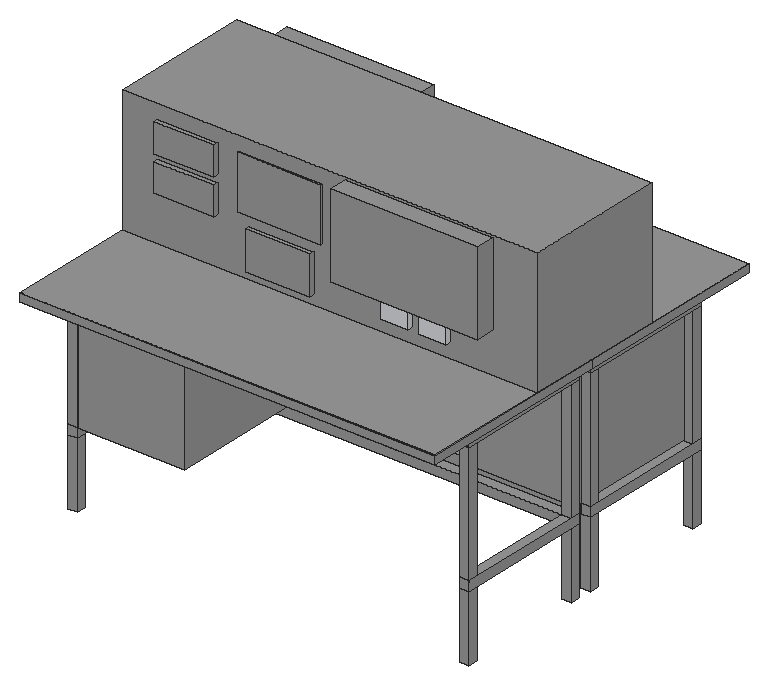
Revit family "ElectronicsBenchTopDouble", category Furniture, Revit 2025
Family settings
  OmniClass Number = 23.40.20.00
  OmniClass Title = General Furniture and Specialties
  Work Plane-Based = No
  Enable Cutting in Views = No
  Always vertical = Yes
  Cut with Voids When Loaded = No
  Render Appearance Source = Family Geometry
  Shared = No
  Room Calculation Point = No
Parameters
  Default Elevation = 0 mm
Reference planes
  plane 1 "PC Face": y = -380
  plane 2: z = 9.556
  plane 3 "Center (Left/Right)": x = 0
  plane 4: x = 1750
  plane 5: x = 150
  plane 6: x = 400
  plane 7: x = 492
  plane 8: x = 535
  plane 9: x = 805
  plane 10: x = 842
  plane 11: x = 942
  plane 12: x = 1562
  plane 13: y = 294.058
  plane 14: z = 539.556
  plane 15 "Centreline": y = -20
  plane 16: y = 805
  plane 17: y = -1240
  plane 18: z = 909.556
Forms (mm)
  Extrusion 1, solid, material "Plywood, Side, 7 Ply"
    sketch origin (829.616, -55.942, 1040.314) x (1, 0, 0) y (0, 0, 1)
      loop
        line (-829.616, -130.888) -> (920.384, -130.888) -> (920.384, 399.112) -> (-829.616, 399.112) -> (-829.616, -130.888)
    from -350 to 250
  Extrusion 2, solid, material "Asphalt, Bitumen"
    sketch origin (-0.384, -55.942, 899.426) x (1, 0, 0) y (0, 0, 1)
      loop
        line (942, 530) -> (942, 180) -> (1562, 180) -> (1562, 530) -> (942, 530)
    from 250 to 330
  Extrusion 3, solid, material "Asphalt, Bitumen"
    sketch origin (-0.384, -55.942, 899.426) x (1, 0, 0) y (0, 0, 1)
      loop
        line (842, 480) -> (492, 480) -> (492, 253) -> (842, 253) -> (842, 480)
    from 150 to 255
  Extrusion 4, solid, material "Plastic, Formed"
    sketch origin (-0.384, -55.942, 899.426) x (1, 0, 0) y (0, 0, 1)
      loop
        line (535, 210) -> (535, 50) -> (805, 50) -> (805, 210) -> (535, 210)
    from -35.942 to 270
  Extrusion 5, solid, material "Plastic, Formed"
    sketch origin (-0.384, -55.942, 899.426) x (1, 0, 0) y (0, 0, 1)
      loop
        line (150, 480) -> (150, 360) -> (400, 360) -> (400, 480) -> (150, 480)
      loop
        line (150, 330) -> (150, 210) -> (400, 210) -> (400, 330) -> (150, 330)
    from 0 to 270
  Extrusion 6, solid, material "Asphalt, Bitumen"
    sketch origin (1710.436, 44.058, 899.426) x (-1, 0, 0) y (0, 0, 1)
      loop
        line (942, 530) -> (942, 180) -> (1562, 180) -> (1562, 530) -> (942, 530)
    from 250 to 330
  Extrusion 7, solid, material "Asphalt, Bitumen"
    sketch origin (1710.436, 44.058, 899.426) x (-1, 0, 0) y (0, 0, 1)
      loop
        line (842, 480) -> (492, 480) -> (492, 253) -> (842, 253) -> (842, 480)
    from 150 to 255
  Extrusion 8, solid, material "Plastic, Formed"
    sketch origin (1710.436, 44.058, 899.426) x (-1, 0, 0) y (0, 0, 1)
      loop
        line (535, 210) -> (535, 50) -> (805, 50) -> (805, 210) -> (535, 210)
    from -35.942 to 270
  Extrusion 9, solid, material "Plastic, Formed"
    sketch origin (1710.436, 44.058, 899.426) x (-1, 0, 0) y (0, 0, 1)
      loop
        line (150, 480) -> (150, 360) -> (400, 360) -> (400, 480) -> (150, 480)
      loop
        line (150, 330) -> (150, 210) -> (400, 210) -> (400, 330) -> (150, 330)
    from 0 to 270
  Extrusion 10, solid
    sketch origin (97.34, -225.942, 1467.197) x (1, 0, 0) y (0, 0, 1)
      loop
        line (1166.781, -422.24) -> (1166.781, -497.24) -> (1281.781, -497.24) -> (1281.781, -422.24) -> (1166.781, -422.24)
    from 0 to 100
  Extrusion 11, void
    sketch origin (-242.88, -325.942, 1470.979) x (1, 0, 0) y (0, 0, 1)
      loop
        circle (1535.231, -463.13) r 15
      loop
        circle (1594.387, -462.957) r 15
    from 0 to 5
  Extrusion 12, solid
    sketch origin (-62.66, -225.942, 1467.197) x (1, 0, 0) y (0, 0, 1)
      loop
        line (1166.781, -422.24) -> (1166.781, -497.24) -> (1281.781, -497.24) -> (1281.781, -422.24) -> (1166.781, -422.24)
    from 0 to 100
  Extrusion 13, void
    sketch origin (-402.88, -325.942, 1470.979) x (1, 0, 0) y (0, 0, 1)
      loop
        circle (1535.231, -463.13) r 15
      loop
        circle (1594.387, -462.957) r 15
    from 0 to 5
  Extrusion 14, solid, not visible
    sketch origin (340.219, 0, -4.515) x (1, 0, 0) y (0, 0, 1)
      loop
        line (1166.781, -422.24) -> (1166.781, -497.24) -> (1281.781, -497.24) -> (1281.781, -422.24) -> (1166.781, -422.24)
    from 0 to 100
  Extrusion 15, void, not visible
    sketch origin (0, 0, -0.733) x (1, 0, 0) y (0, 0, 1)
      loop
        circle (1535.231, -463.13) r 15
      loop
        circle (1594.387, -462.957) r 15
    from 0 to 5
  Extrusion 16, solid, not visible
    sketch origin (180.219, 0, -4.515) x (1, 0, 0) y (0, 0, 1)
      loop
        line (1166.781, -422.24) -> (1166.781, -497.24) -> (1281.781, -497.24) -> (1281.781, -422.24) -> (1166.781, -422.24)
    from 0 to 100
  Extrusion 17, void, not visible
    sketch origin (-160, 0, -0.733) x (1, 0, 0) y (0, 0, 1)
      loop
        circle (1535.231, -463.13) r 15
      loop
        circle (1594.387, -462.957) r 15
    from 0 to 5
  Extrusion 18, solid
    sketch origin (1584.862, 214.058, 1467.197) x (-1, 0, 0) y (0, 0, 1)
      loop
        line (1166.781, -422.24) -> (1166.781, -497.24) -> (1281.781, -497.24) -> (1281.781, -422.24) -> (1166.781, -422.24)
    from 0 to 100
  Extrusion 19, void
    sketch origin (1925.082, 314.058, 1470.979) x (-1, 0, 0) y (0, 0, 1)
      loop
        circle (1535.231, -463.13) r 15
      loop
        circle (1594.387, -462.957) r 15
    from 0 to 5
  Extrusion 20, solid
    sketch origin (1744.862, 214.058, 1467.197) x (-1, 0, 0) y (0, 0, 1)
      loop
        line (1166.781, -422.24) -> (1166.781, -497.24) -> (1281.781, -497.24) -> (1281.781, -422.24) -> (1166.781, -422.24)
    from 0 to 100
  Extrusion 21, void
    sketch origin (2085.082, 314.058, 1470.979) x (-1, 0, 0) y (0, 0, 1)
      loop
        circle (1535.231, -463.13) r 15
      loop
        circle (1594.387, -462.957) r 15
    from 0 to 5
  Extrusion 22, solid, not visible
    sketch origin (97.34, 80, 567.327) x (1, 0, 0) y (0, 0, 1)
      loop
        line (1166.781, -422.24) -> (1166.781, -497.24) -> (1281.781, -497.24) -> (1281.781, -422.24) -> (1166.781, -422.24)
    from 0 to 100
  Extrusion 23, void, not visible
    sketch origin (-242.88, -20, 571.109) x (1, 0, 0) y (0, 0, 1)
      loop
        circle (1535.231, -463.13) r 15
      loop
        circle (1594.387, -462.957) r 15
    from 0 to 5
  Extrusion 24, solid, not visible
    sketch origin (-62.66, 80, 567.327) x (1, 0, 0) y (0, 0, 1)
      loop
        line (1166.781, -422.24) -> (1166.781, -497.24) -> (1281.781, -497.24) -> (1281.781, -422.24) -> (1166.781, -422.24)
    from 0 to 100
  Extrusion 25, void, not visible
    sketch origin (-402.88, -20, 571.109) x (1, 0, 0) y (0, 0, 1)
      loop
        circle (1535.231, -463.13) r 15
      loop
        circle (1594.387, -462.957) r 15
    from 0 to 5
  Extrusion 26, solid, material "Plywood, Side, 7 Ply", not visible
    sketch origin (829.616, -1903.81, 1413.477) x (1, 0, 0) y (0, 0, 1)
      loop
        line (-829.616, -130.888) -> (920.384, -130.888) -> (920.384, 399.112) -> (-829.616, 399.112) -> (-829.616, -130.888)
    from -350 to 250
  Extrusion 27, solid, material "Asphalt, Bitumen", not visible
    sketch origin (-0.384, -1903.81, 1272.588) x (1, 0, 0) y (0, 0, 1)
      loop
        line (942, 530) -> (942, 180) -> (1562, 180) -> (1562, 530) -> (942, 530)
    from 250 to 330
  Extrusion 28, solid, material "Asphalt, Bitumen", not visible
    sketch origin (-0.384, -1903.81, 1272.588) x (1, 0, 0) y (0, 0, 1)
      loop
        line (842, 480) -> (492, 480) -> (492, 253) -> (842, 253) -> (842, 480)
    from 150 to 255
  Extrusion 29, solid, material "Plastic, Formed", not visible
    sketch origin (-0.384, -1903.81, 1272.588) x (1, 0, 0) y (0, 0, 1)
      loop
        line (535, 210) -> (535, 50) -> (805, 50) -> (805, 210) -> (535, 210)
    from -35.942 to 270
  Extrusion 30, solid, material "Plastic, Formed", not visible
    sketch origin (-0.384, -1903.81, 1272.588) x (1, 0, 0) y (0, 0, 1)
      loop
        line (150, 480) -> (150, 360) -> (400, 360) -> (400, 480) -> (150, 480)
      loop
        line (150, 330) -> (150, 210) -> (400, 210) -> (400, 330) -> (150, 330)
    from 0 to 270
  Extrusion 31, solid, material "Asphalt, Bitumen", not visible
    sketch origin (1710.436, -1803.81, 1272.588) x (-1, 0, 0) y (0, 0, 1)
      loop
        line (942, 530) -> (942, 180) -> (1562, 180) -> (1562, 530) -> (942, 530)
    from 250 to 330
  Extrusion 32, solid, material "Asphalt, Bitumen", not visible
    sketch origin (1710.436, -1803.81, 1272.588) x (-1, 0, 0) y (0, 0, 1)
      loop
        line (842, 480) -> (492, 480) -> (492, 253) -> (842, 253) -> (842, 480)
    from 150 to 255
  Extrusion 33, solid, material "Plastic, Formed", not visible
    sketch origin (1710.436, -1803.81, 1272.588) x (-1, 0, 0) y (0, 0, 1)
      loop
        line (535, 210) -> (535, 50) -> (805, 50) -> (805, 210) -> (535, 210)
    from -35.942 to 270
  Extrusion 34, solid, material "Plastic, Formed", not visible
    sketch origin (1710.436, -1803.81, 1272.588) x (-1, 0, 0) y (0, 0, 1)
      loop
        line (150, 480) -> (150, 360) -> (400, 360) -> (400, 480) -> (150, 480)
      loop
        line (150, 330) -> (150, 210) -> (400, 210) -> (400, 330) -> (150, 330)
    from 0 to 270
  Extrusion 35, solid, not visible
    sketch origin (97.34, -2073.81, 1840.359) x (1, 0, 0) y (0, 0, 1)
      loop
        line (1166.781, -422.24) -> (1166.781, -497.24) -> (1281.781, -497.24) -> (1281.781, -422.24) -> (1166.781, -422.24)
    from 0 to 100
  Extrusion 36, void, not visible
    sketch origin (-242.88, -2173.81, 1844.141) x (1, 0, 0) y (0, 0, 1)
      loop
        circle (1535.231, -463.13) r 15
      loop
        circle (1594.387, -462.957) r 15
    from 0 to 5
  Extrusion 37, solid, not visible
    sketch origin (-62.66, -2073.81, 1840.359) x (1, 0, 0) y (0, 0, 1)
      loop
        line (1166.781, -422.24) -> (1166.781, -497.24) -> (1281.781, -497.24) -> (1281.781, -422.24) -> (1166.781, -422.24)
    from 0 to 100
  Extrusion 38, void, not visible
    sketch origin (-402.88, -2173.81, 1844.141) x (1, 0, 0) y (0, 0, 1)
      loop
        circle (1535.231, -463.13) r 15
      loop
        circle (1594.387, -462.957) r 15
    from 0 to 5
  Extrusion 39, solid, not visible
    sketch origin (1584.862, -1633.81, 1840.359) x (-1, 0, 0) y (0, 0, 1)
      loop
        line (1166.781, -422.24) -> (1166.781, -497.24) -> (1281.781, -497.24) -> (1281.781, -422.24) -> (1166.781, -422.24)
    from 0 to 100
  Extrusion 40, void, not visible
    sketch origin (1925.082, -1533.81, 1844.141) x (-1, 0, 0) y (0, 0, 1)
      loop
        circle (1535.231, -463.13) r 15
      loop
        circle (1594.387, -462.957) r 15
    from 0 to 5
  Extrusion 41, solid, not visible
    sketch origin (1744.862, -1633.81, 1840.359) x (-1, 0, 0) y (0, 0, 1)
      loop
        line (1166.781, -422.24) -> (1166.781, -497.24) -> (1281.781, -497.24) -> (1281.781, -422.24) -> (1166.781, -422.24)
    from 0 to 100
  Extrusion 42, void, not visible
    sketch origin (2085.082, -1533.81, 1844.141) x (-1, 0, 0) y (0, 0, 1)
      loop
        circle (1535.231, -463.13) r 15
      loop
        circle (1594.387, -462.957) r 15
    from 0 to 5
Cuts and joins
  Extrusion 11, Extrusion 13, Extrusion 19 cuts Extrusion 10
  Extrusion 13, Extrusion 21 cuts Extrusion 12
  Extrusion 19 cuts Extrusion 18
  Extrusion 21 cuts Extrusion 20
Dimensions and locks
  plane 3 "Center (Left/Right)" to Extrusion 1 = 1750 mm
  plane 17 to plane 1 "PC Face" = 860 mm
  plane 15 "Centreline" to plane 1 "PC Face" = 360 mm
  nested 2 to plane 16 = 825 mm
  nested 2 to plane 13 to plane 16 = 314.058 mm, 510.942 mm
  aligned and locked: level to plane 2
Nested families
  nested 1: "SmallBench" at (0, -20, 9.556), type "SmallBench"
  nested 2: "SmallBench" at (1750, -20, 9.556) x (-1, 0, 0) z (0, 0, 1), type "SmallBench"
Definition of nested family "SmallBench"
  Parameters
    Default Elevation = 0 mm
  Reference planes
    plane 1 "CentreLong": y = 0
    plane 2: z = 0
    plane 3 "LeftEdge": x = 0
    plane 4 "FrontEdge": y = -825
    plane 5 "RightEdge": x = 1750
    plane 6 "DrawerFront": y = -610
    plane 7 "LeftSupport": x = 50
    plane 8 "BenchTop": z = 900
    plane 9 "BenchBottom": z = 865
    plane 10 "RightSupport": x = 1700
    plane 11 "BackSupport": y = -50
    plane 12 "DrawerInner": x = 520
  Forms (mm)
    Extrusion 1, solid
      sketch origin (0, 0, 0) x (1, 0, 0) y (0, 1, 0)
        loop
          line (0, 0) -> (0, -825) -> (1750, -825) -> (1750, 0) -> (0, 0)
      from 865 to 898
    Extrusion 2, solid
      sketch origin (1780, -548.097, 0) x (1, 0, 0) y (0, 1, 0)
        loop
          line (-100, 518.097) -> (-100, 478.097) -> (-60, 478.097) -> (-60, 518.097) -> (-100, 518.097)
      from 0 to 825
    Extrusion 3, solid
      sketch origin (1780, -1115, 0) x (1, 0, 0) y (0, 1, 0)
        loop
          line (-100, 545) -> (-100, 505) -> (-60, 505) -> (-60, 545) -> (-100, 545)
      from 0 to 825
    Extrusion 4, solid
      sketch origin (-700, -140, 0) x (1, 0, 0) y (0, 1, 0)
        loop
          line (2380, 110) -> (2380, -470) -> (2420, -470) -> (2420, 110) -> (2400, 110) -> (2380, 110)
      from 825 to 865
    Extrusion 5, solid
      sketch origin (-700, -180, 0) x (1, 0, 0) y (0, 1, 0)
        loop
          line (2380, 150) -> (2380, -430) -> (2420, -430) -> (2420, 150) -> (2380, 150)
      from 280 to 320
    Extrusion 6, solid
      sketch origin (0, 0, 0) x (1, 0, 0) y (0, 1, 0)
        loop
          line (70, 0) -> (70, -610) -> (520, -610) -> (520, 0) -> (70, 0)
      from 320 to 865
    Extrusion 7, solid, not visible
      sketch origin (1780, -548.097, 0) x (1, 0, 0) y (0, 1, 0)
        loop
          line (-100, 518.097) -> (-100, 478.097) -> (-60, 478.097) -> (-60, 518.097) -> (-100, 518.097)
      from 0 to 825
    Extrusion 8, solid, not visible
      sketch origin (1780, -1115, 0) x (1, 0, 0) y (0, 1, 0)
        loop
          line (-100, 545) -> (-100, 505) -> (-60, 505) -> (-60, 545) -> (-100, 545)
      from 0 to 825
    Extrusion 9, solid, not visible
      sketch origin (-700, -140, 0) x (1, 0, 0) y (0, 1, 0)
        loop
          line (2380, 110) -> (2380, -470) -> (2420, -470) -> (2420, 110) -> (2400, 110) -> (2380, 110)
      from 825 to 865
    Extrusion 10, solid, not visible
      sketch origin (-700, -180, 0) x (1, 0, 0) y (0, 1, 0)
        loop
          line (2380, 150) -> (2380, -430) -> (2420, -430) -> (2420, 150) -> (2380, 150)
      from 280 to 320
    Extrusion 11, solid
      sketch origin (130, -548.097, 0) x (1, 0, 0) y (0, 1, 0)
        loop
          line (-100, 518.097) -> (-100, 478.097) -> (-60, 478.097) -> (-60, 518.097) -> (-100, 518.097)
      from 0 to 825
    Extrusion 12, solid
      sketch origin (130, -1115, 0) x (1, 0, 0) y (0, 1, 0)
        loop
          line (-100, 545) -> (-100, 505) -> (-60, 505) -> (-60, 545) -> (-100, 545)
      from 0 to 825
    Extrusion 13, solid
      sketch origin (-2350, -140, 0) x (1, 0, 0) y (0, 1, 0)
        loop
          line (2380, 110) -> (2380, -470) -> (2420, -470) -> (2420, 110) -> (2400, 110) -> (2380, 110)
      from 825 to 865
    Extrusion 14, solid
      sketch origin (-2350, -180, 0) x (1, 0, 0) y (0, 1, 0)
        loop
          line (2380, 150) -> (2380, -430) -> (2420, -430) -> (2420, 150) -> (2380, 150)
      from 280 to 320
    Extrusion 15, solid
      sketch origin (0, 0, -200) x (0, 1, 0) y (0, 0, 1)
        loop
          line (-30, 520) -> (-70, 520) -> (-70, 480) -> (-30, 480) -> (-30, 520)
      from 70 to 1680
    Extrusion 16, solid
      sketch origin (0, 0, 465) x (0, 1, 0) y (0, 0, 1)
        loop
          line (-30, 400) -> (-70, 400) -> (-70, 360) -> (-30, 360) -> (-30, 400)
      from 70 to 1680
    Extrusion 17, solid
      sketch origin (0, 0, 0) x (1, 0, 0) y (0, 1, 0)
        loop
          line (0, 0) -> (0, -825) -> (1750, -825) -> (1750, 0) -> (0, 0)
      from 898 to 900
  Dimensions and locks
    plane 3 "LeftEdge" to plane 5 "RightEdge" = 1750 mm
    plane 12 "DrawerInner" to Extrusion 3 = 1160 mm
    plane 8 "BenchTop" to level = 900 mm
    plane 5 "RightEdge" to plane 3 "LeftEdge" = 1750 mm
    Extrusion 6 to Extrusion 12 = 450 mm
    Extrusion 13 to Extrusion 6 = 450 mm
    Extrusion 6 to Extrusion 4 = 1160 mm
    aligned and locked: level to plane 2
